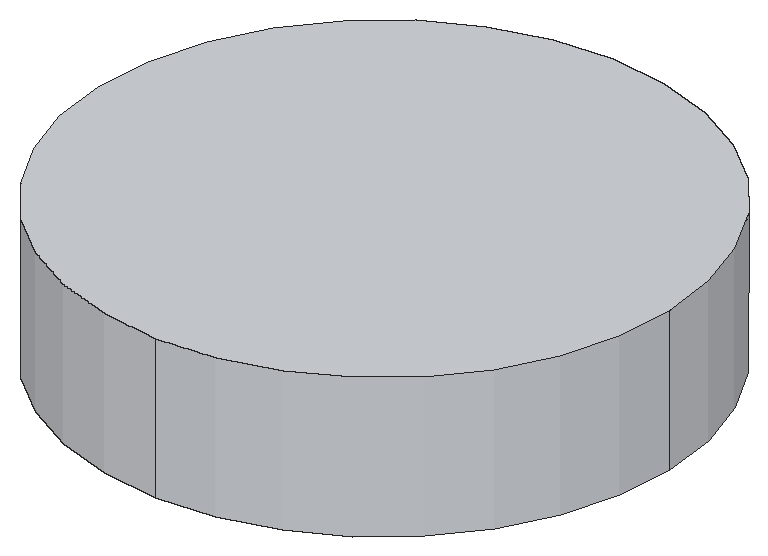
Revit family "db8460dffe1943df834386729f694f15", category Mechanical Equipment, host Face, Revit 2021
Family settings
  Host = Face
  Round Connector Dimension = Use Radius
  Part Type = Normal
  OmniClass Number = 23.65.00.00
  OmniClass Title = Supply and Distribution of Liquids and Gases
  Seek Item ID = Pipe Connector - Sanitary - Mechanical Equipment-0000-USA-ENU
  Cut with Voids When Loaded = No
  Shared = No
  Room Calculation Point = No
Parameters (values of type "Standard")
  Thickness [instance] = 0' - 1"
  Nominal Radius [instance] = 2"
  Flow [instance] = 10 GPM
  Nominal Diameter [instance] = Nominal Radius * 2  # 4"
  Default Elevation = 0' - 0"
  Assembly Code = ""
Reference planes (in)
  plane 1 "Center (Front/Back)": y = 0
  plane 2: z = 0
  plane 3 "Center (Left/Right)": x = 0
Forms (in)
  Sweep 1, solid
    path in 3D
      loop
        line (0, 0, 0) -> (0, 0, 1)
    profile "Duct - Round : Duct - Round" origin (0, 0, 0.5) x (0, -1, 0) y (1, 0, 0)
      loop
        arc (-2, 0) -> (-1.41421, -1.41421) -> (0, -2) r 2
        arc (0, -2) -> (1.41421, -1.41421) -> (2, 0) r 2
        arc (2, 0) -> (1.41421, 1.41421) -> (0, 2) r 2
        arc (0, 2) -> (-1.41421, 1.41421) -> (-2, 0) r 2
Lines and regions (in)
  reference lines
    curve 1: line (0, 0, 0) -> (0, 0, 1)
  sketch lines
    curve 2: line (0, 0, 0) -> (0, 0, 1)
Dimensions and locks (in)
  "Thickness": curve 1 to curve 1
  aligned and locked: plane 2 to host face
  aligned and locked: level to host face
  aligned and locked: host face to curve 1
  aligned and locked: curve 1 to plane 1 "Center (Front/Back)"
Automatic sketch dimensions
  host sketch curve to host sketch curve = 8' - 0"  (x2)
Connectors (in)
  piping at (0, 0, 1), diameter 4, driven by "Flow", driven by "Nominal Radius"
    settings: on Sweep 1, index 1, connector inside diameter 4", connector length 0' - 0", flow factor 0, pipe flow 10 GPM, pressure drop 0.00 psi, fitting loss kfactor 0, connector angle 0.00°, fixture units 0, engagement length 0' - 0", angle of deflection 0.00°, flow configuration 1, flow direction 2, fitting loss method 0, system type 16, joint type 0, gender type 0, connector reference index -1, connector utility 0, adjustable connector no, is connector primary yes, connector description ""
